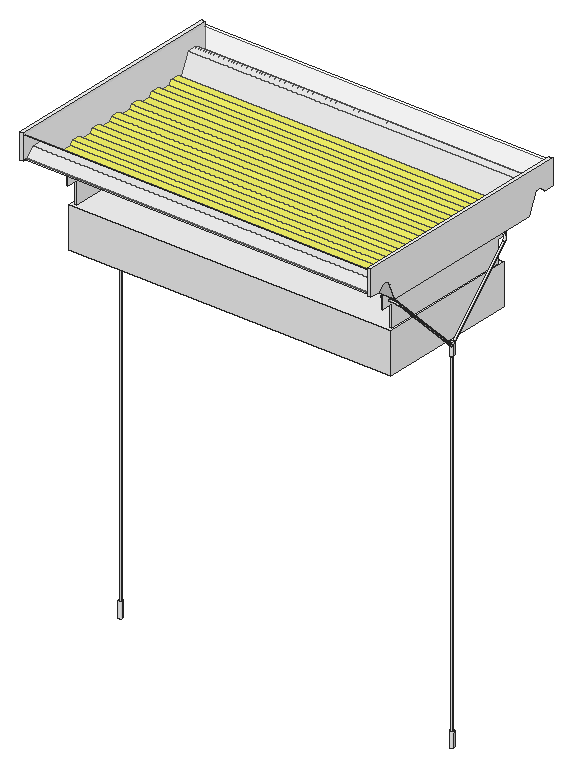
Revit family "SpectraLoc", category Lighting Fixtures, host Face, Revit 2013
Parameters (values of type "SPL-XL-SWSA-EDU")
  Watts = 175.1 W
  Wattage = 175.1 W
  Warranty = "Five year warranty"  # constant formula
  built-in parameter 1150110 = 1 (stored number, unit not read)
  Voltage = 120 V
  built-in parameter 1114217 = 1 (stored number, unit not read)
  Tilt Angle = -90.00°
  built-in parameter 1150109 = 1 (stored number, unit not read)
  built-in parameter 1150134 = (empty or 0)
  Suspension Height [instance] = 24.000"
  Wattage Comments = "112.7-175.1W"
  URL = "http://www.hubbellindustrial.com/"
  built-in parameter 1150113 = 1 (stored number, unit not read)
  Product Page URL = "http://www.hubbellindustrial.com/products/spectraloc/"
  Product Documentation Link = "http://cdn.hubbellindustrial.com/content/products/specs/specs_files/hil_0318_spl_spec_17.pdf"
  Power factor = 1
  Photometric Web File = "SPL-XL-SWSA-EDU.ies"
  Model = "SpectraLoc"  # constant formula
  Manufacturer Phone = "864-678-1000"  # constant formula
  Manufacturer Fax = "866-898-0131"  # constant formula
  Manufacturer = "Hubbell Industrial Lighting"  # constant formula
  built-in parameter 1150105 = 1507.7 (stored number, unit not read)
  Lumens = 18945.8 lm
  built-in parameter 1150115 = 1 (stored number, unit not read)
  Lumen Output = "Xtra High Lumen"
  Load Classification = Lighting
  built-in parameter 1150137 = (empty or 0)
  built-in parameter 1150139 = (empty or 0)
  built-in parameter 1150112 = 1 (stored number, unit not read)
  built-in parameter 1150114 = 1 (stored number, unit not read)
  Lamp = "LED Lamp"  # constant formula
  Fixture Glass = Hubbell - White Glass
  built-in parameter 1150132 = (empty or 0)
  built-in parameter 1150102 = (empty or 0)
  built-in parameter 1150107 = 3000 (stored number, unit not read)
  built-in parameter 1150138 = (empty or 0)
  built-in parameter 1150106 = 15.077 (stored number, unit not read)
  Emit from Rectangle Width = 15.000"  # constant formula
  Emit from Rectangle Length = 23.000"  # constant formula
  Emit Shape Visible in Rendering = no
  built-in parameter 1150104 = 10.052 (stored number, unit not read)
  Distribution = "Short Wave Suppression Aisle Optics"
  Dimming Lamp Color Temperature Shift = <None>
  Description = "SpectraLoc Blue Spectrum Suppression Highbau"  # constant formula
  Default Elevation = 48.000"
  Color Filter = 16777215
  built-in parameter 1114218 = 1 (stored number, unit not read)
  Backbox = Hubbell - White
  built-in parameter 1150133 = 10 (stored number, unit not read)
  Apparent Load = Watts / Power factor  # 175.1 VA
Types (3): name | Watts | Wattage | Suspension Height | Wattage Comments | Photometric Web File | built-in parameter 1150105 | Lumens | Lumen Output | built-in parameter 1150106 | built-in parameter 1150104 | Apparent Load
  (no name) | 175.1 W | 175.1 W | 24.000" | "112.7-175.1W" | "SPL-XL-SWSA-EDU.ies" | 1507.7 (stored number, unit not read) | 18945.8 lm | "Xtra High Lumen" | 15.077 (stored number, unit not read) | 10.052 (stored number, unit not read) | 175.1 VA
  SPL-HL-SWSA-EDU | 112.7 W | 112.7 W | 15.000" | "19-69 W" | "SPL-HL-SWSA-EDU.ies" | 994.59 (stored number, unit not read) | 12498.4 lm | "High Lumen" | 9.9459 (stored number, unit not read) | 10.303 (stored number, unit not read) | 112.7 VA
  SPL-XL-SWSA-EDU | 175.1 W | 175.1 W | 24.000" | "112.7-175.1W" | "SPL-XL-SWSA-EDU.ies" | 1507.7 (stored number, unit not read) | 18945.8 lm | "Xtra High Lumen" | 15.077 (stored number, unit not read) | 10.052 (stored number, unit not read) | 175.1 VA
Reference planes (in)
  plane 1 "Center (Front/Back)": y = 0.03999
  plane 2: z = 0
  plane 3 "Center (Left/Right)": x = 1.66944
  plane 4: x = -9.65453
  plane 5: x = 12.99342
  plane 6: z = 1
  plane 7: z = 24
  plane 8: z = 32
Forms (in)
  Extrusion 1, solid, material "Hubbell - White" <- "Backbox"
    sketch origin (0, 0, 0) x (1, 0, 0) y (0, 1, 0)
      loop
        circle (-9.65453, 0.03999) r 0.125
    from 0 to 1
  Extrusion 2, solid, material "Hubbell - White" <- "Backbox"
    sketch origin (0, 0, 0) x (1, 0, 0) y (0, 1, 0)
      loop
        circle (-9.65453, 0.03999) r 0.0625
    from 1 to 24
  Extrusion 3, solid, material "Hubbell - White" <- "Backbox"
    sketch origin (3.33889, 0, 0) x (-1, 0, 0) y (0, -1, 0)
      loop
        circle (-9.65453, -0.03999) r 0.125
    from 0 to 1
  Extrusion 4, solid, material "Hubbell - White" <- "Backbox"
    sketch origin (3.33889, 0, 0) x (-1, 0, 0) y (0, -1, 0)
      loop
        circle (-9.65453, -0.03999) r 0.0625
    from 1 to 24
Dimensions and locks (in)
  equal spacing: plane 5, plane 3 "Center (Left/Right)", plane 4, locked at 11.32398 each
  locked: plane 6 to plane 2 at 1
  "Suspension Height": plane 7 to plane 2
  locked: plane 8 to plane 7 at 8
  aligned and locked: plane 2 to host face
  aligned and locked: level to host face
  aligned and locked: plane 6 to Extrusion 1
  aligned and locked: Extrusion 2 to plane 6
  aligned and locked: plane 7 to Extrusion 2
  aligned and locked: plane 3 "Center (Left/Right)" to nested 1
  aligned and locked: plane 1 "Center (Front/Back)" to nested 1
  aligned and locked: Extrusion 4 to Extrusion 2
  aligned and locked: plane 3 "Center (Left/Right)" to imposter light
  aligned and locked: plane 8 to imposter light
  aligned and locked: imposter light to plane 1 "Center (Front/Back)"
Automatic sketch dimensions
  host sketch curve to host sketch curve = 96.000"  (x2)
  plane 1 "Center (Front/Back)" to Extrusion 1 sketch curve = 0.000"
  Extrusion 1 sketch curve to plane 4 = 0.000"
  plane 1 "Center (Front/Back)" to Extrusion 2 sketch curve = 0.000"
  Extrusion 2 sketch curve to plane 4 = 0.000"
  plane 1 "Center (Front/Back)" to Extrusion 3 sketch curve = 0.000"
  Extrusion 3 sketch curve to plane 5 = 0.000"
  plane 1 "Center (Front/Back)" to Extrusion 4 sketch curve = 0.000"
  Extrusion 4 sketch curve to plane 5 = 0.000"
  radius of Extrusion 1 sketch curve = 0.125"
  radius of Extrusion 2 sketch curve = 0.0625"
  radius of Extrusion 3 sketch curve = 0.125"
  radius of Extrusion 4 sketch curve = 0.0625"
Nested families (in)
  nested 1: "Spectra Head" at (1.66944, 0.03999, 24), type "Spectra"
Connectors (in)
  electrical at (1.66944, 0.03999, 24.74117), driven by "Load Classification", driven by "Voltage", driven by "Apparent Load", driven by "Power factor"
    settings: on nested 1, index 1, voltage 120 V, apparent load 175.1 VA, apparent load phase1 0 VA, apparent load phase2 0 VA, apparent load phase3 0 VA, power factor 1, load classification "Lighting", number of poles 1, system type 30, power factor state 1, is connector primary yes, connector utility no, sub classification motor no, connector description "Lighting Connector"
Definition of nested family "Spectra Head"
  Parameters (values of type "Spectra")
    Glass = Hubbell - White Glass
    Finish = Hubbell - White
    Default Elevation = 48.000"
    LED = Hubbell-Yellow Glass
  Reference planes (in)
    plane 1 "Center (Front/Back)": y = 0
    plane 2: z = 0
    plane 3 "Center (Left/Right)": x = 0
    plane 4: x = 12
    plane 5: x = -12
    plane 6: y = -7.75
    plane 7: y = 7.75
    plane 8: z = 8.90783
    plane 9: x = -11.75
    plane 10: x = 11.75
    plane 11: y = -3
    plane 12: y = 3
    plane 13: z = 6.18561
    plane 14: y = -7.5
    plane 15: y = 7.5
    plane 16: z = 3.46339
    plane 17: z = 0.74117
  Forms (in)
    Extrusion 1, solid
      sketch origin (0, 0, 0) x (1, 0, 0) y (0, 1, 0)
        loop
          line (-48, 48) -> (-48, -48) -> (48, -48) -> (48, 48) -> (-48, 48)
      from 0 to -12
    Extrusion 2, solid, material "Hubbell - White" <- "Finish"
      sketch origin (0, 0, 0) x (0, 1, 0) y (0, 0, 1)
        loop
          line (7.75, 8.90783) -> (-7.75, 8.90783) -> (-7.75, 7.18561) -> (-7.125, 7.18561) -> (-6.77145, 7.53916) -> (-6.32102, 7.53916) -> (-5.68985, 6.18561) -> (5.68985, 6.18561) -> (6.32102, 7.53916) -> (6.77145, 7.53916) -> (7.125, 7.18561) -> (7.75, 7.18561) -> (7.75, 8.90783)
      from -12 to -11.75
    Extrusion 3, solid, material "Hubbell - White" <- "Finish"
      sketch origin (0, 0, 0) x (0, 1, 0) y (0, 0, 1)
        loop
          line (5.25, 6.18561) -> (-5.25, 6.18561) -> (-5.25, 4.93561) -> (-4.5, 4.93561) -> (-4.5, 3.46339) -> (4.5, 3.46339) -> (4.5, 4.93561) -> (5.25, 4.93561) -> (5.25, 6.18561)
      from -10.82465 to -10.69965
    Extrusion 4, solid, material "Hubbell - White" <- "Finish"
      sketch origin (0, 0, 0) x (0, 1, 0) y (0, 0, 1)
        loop
          line (4.81971, 3.46339) -> (-4.81971, 3.46339) -> (-4.81971, 0.74117) -> (4.81971, 0.74117) -> (4.81971, 3.46339)
      from -11 to 11
    Extrusion 5, solid, material "Hubbell - White" <- "Finish"
      sketch origin (0, 0, 0) x (0, 1, 0) y (0, 0, 1)
        loop
          line (6.91697, 7.66416) -> (7.30714, 7.274) -> (7.48392, 7.274) -> (6.96875, 7.78916) -> (6.29968, 7.78916) -> (5.61022, 6.31061) -> (-5.61022, 6.31061) -> (-6.29968, 7.78916) -> (-6.96875, 7.78916) -> (-7.48392, 7.274) -> (-7.30714, 7.274) -> (-6.91697, 7.66416) -> (-6.37931, 7.66416) -> (-5.68985, 6.18561) -> (5.68985, 6.18561) -> (6.37931, 7.66416) -> (6.91697, 7.66416)
      from -12 to 12
    Extrusion 6, solid, material "Hubbell - White" <- "Finish"
      sketch origin (0, 0, 0) x (0, 1, 0) y (0, 0, -1)
        loop
          line (5.25, -6.18561) -> (5.25, -4.93561) -> (4.5, -4.93561) -> (4.5, -3.46339) -> (-4.5, -3.46339) -> (-4.5, -4.93561) -> (-5.25, -4.93561) -> (-5.25, -6.18561) -> (5.25, -6.18561)
      from -10.82465 to -10.69965
    Extrusion 7, solid, material "Hubbell - White Glass" <- "Glass"
      sketch origin (0, 0, 0) x (0, 1, 0) y (0, 0, 1)
        loop
          line (7.1706, 7.37945) -> (7.1106, 7.37945) -> (7.1106, 7.214) -> (7.6982, 7.214) -> (7.6982, 8.774) -> (-7.6982, 8.774) -> (-7.6982, 7.214) -> (-7.1106, 7.214) -> (-7.1106, 7.37945) -> (-7.1706, 7.37945) -> (-7.1706, 7.274) -> (-7.6382, 7.274) -> (-7.6382, 8.714) -> (7.6382, 8.714) -> (7.6382, 7.274) -> (7.1706, 7.274) -> (7.1706, 7.37945)
      from -11.75 to 11.75
    Extrusion 8, solid, material "Hubbell - White" <- "Finish"
      sketch origin (0, 0, 0) x (0, 1, 0) y (0, 0, -1)
        loop
          line (7.75, -8.90783) -> (7.75, -7.18561) -> (7.125, -7.18561) -> (6.77145, -7.53916) -> (6.32102, -7.53916) -> (5.68985, -6.18561) -> (-5.68985, -6.18561) -> (-6.32102, -7.53916) -> (-6.77145, -7.53916) -> (-7.125, -7.18561) -> (-7.75, -7.18561) -> (-7.75, -8.90783) -> (7.75, -8.90783)
      from -12 to -11.75
    Extrusion 9, solid, material "Hubbell-Yellow Glass" <- "LED"
      sketch origin (0, 0, 0) x (0, 1, 0) y (0, 0, 1)
        loop
          line (5.61022, 6.31061) -> (5.34062, 6.69563) -> (4.7821, 6.69563) -> (4.60003, 6.43561) -> (3.83557, 6.43561) -> (3.6535, 6.69563) -> (3.09498, 6.69563) -> (2.91291, 6.43561) -> (2.14845, 6.43561) -> (1.96638, 6.69563) -> (1.40786, 6.69563) -> (1.22579, 6.43561) -> (0.46133, 6.43561) -> (0.27926, 6.69563) -> (-0.27926, 6.69563) -> (-0.46133, 6.43561) -> (-1.22579, 6.43561) -> (-1.40786, 6.69563) -> (-1.96638, 6.69563) -> (-2.14845, 6.43561) -> (-2.91291, 6.43561) -> (-3.09498, 6.69563) -> (-3.6535, 6.69563) -> (-3.83557, 6.43561) -> (-4.60003, 6.43561) -> (-4.7821, 6.69563) -> (-5.34062, 6.69563) -> (-5.61022, 6.31061) -> (5.61022, 6.31061)
      from -11.75 to 11.75
    Extrusion 10, solid, material "Hubbell - White" <- "Finish"
      sketch origin (-1.49614, -0.04223, 0) x (1, 0, 0) y (0, 1, 0)
        loop
          circle (-9.83056, 0.03999) r 0.125
      from 0 to 0.83333
    Sweep 11, solid, material "Hubbell - White" <- "Finish"
      path origin (-1.49614, -26.51037, -25.92622) x (1, 0, 0) y (0, 0.707107, 0.707107)
        loop
          line (-9.83056, 37.48815) -> (-9.83056, 43.73815)
          arc (-9.83056, 43.73815) -> (-9.68411, 44.09171) -> (-9.33056, 44.23815) r 0.5
          line (-9.33056, 44.23815) -> (-8.83056, 44.23815)
      profile origin (-11.32669, 2.20747, 2.79161) x (-1, 0, 0) y (0, -0.707107, 0.707107)
        loop
          circle (0, 0) r 0.0625
    Sweep 12, solid, material "Hubbell - White" <- "Finish"
      path origin (-1.49614, 26.50589, -25.92622) x (1, 0, 0) y (0, 0.707107, -0.707107)
        loop
          line (-9.83056, -37.48815) -> (-9.83056, -43.73815)
          arc (-9.83056, -43.73815) -> (-9.68411, -44.09171) -> (-9.33056, -44.23815) r 0.5
          line (-9.33056, -44.23815) -> (-8.83056, -44.23815)
      profile origin (-11.32669, -2.21195, 2.79161) x (1, 0, 0) y (0, 0.707107, 0.707107)
        loop
          circle (0, 0) r 0.0625
    Extrusion 13, solid, material "Hubbell - White" <- "Finish"
      sketch origin (1.49614, -0.04223, 0) x (-1, 0, 0) y (0, -1, 0)
        loop
          circle (-9.83056, -0.03999) r 0.125
      from 0 to 0.83333
    Sweep 14, solid, material "Hubbell - White" <- "Finish"
      path origin (1.49614, -26.51037, -25.92622) x (-1, 0, 0) y (0, -0.707107, -0.707107)
        loop
          line (-9.83056, -37.48815) -> (-9.83056, -43.73815)
          arc (-9.83056, -43.73815) -> (-9.68411, -44.09171) -> (-9.33056, -44.23815) r 0.5
          line (-9.33056, -44.23815) -> (-8.83056, -44.23815)
      profile origin (11.32669, 2.20747, 2.79161) x (-1, 0, 0) y (0, -0.707107, 0.707107)
        loop
          circle (0, 0) r 0.0625
    Sweep 15, solid, material "Hubbell - White" <- "Finish"
      path origin (1.49614, 26.50589, -25.92622) x (-1, 0, 0) y (0, -0.707107, 0.707107)
        loop
          line (-9.83056, 37.48815) -> (-9.83056, 43.73815)
          arc (-9.83056, 43.73815) -> (-9.68411, 44.09171) -> (-9.33056, 44.23815) r 0.5
          line (-9.33056, 44.23815) -> (-8.83056, 44.23815)
      profile origin (11.32669, -2.21195, 2.79161) x (1, 0, 0) y (0, 0.707107, 0.707107)
        loop
          circle (0, 0) r 0.0625
  Cuts and joins
    joined: Extrusion 2, Extrusion 5, Extrusion 8
  Dimensions and locks (in)
    equal spacing: plane 5, plane 3 "Center (Left/Right)", plane 4
    locked: plane 5 to plane 9 at 0.25
    locked: plane 10 to plane 4 at 0.25
    equal spacing: plane 7, plane 1 "Center (Front/Back)", plane 6
    plane 14 to plane 6 = 0.250"
    plane 15 to plane 7 = 0.250"
    locked: plane 5 to plane 4 at 24
    plane 7 to plane 6 = 15.500"
    locked: plane 8 to plane 17 at 8.16667
    equal spacing: plane 8, plane 13, plane 16, plane 17
    radius of Extrusion 10 sketch curve = 0.125"
    radius of Extrusion 13 sketch curve = 0.125"
    aligned and locked: plane 2 to Extrusion 1
    aligned and locked: level to Extrusion 1
    aligned and locked: Extrusion 2 sketch curve to plane 8
    aligned and locked: plane 7 to Extrusion 2 sketch curve
    aligned and locked: plane 13 to Extrusion 2 sketch curve
    aligned and locked: Extrusion 2 sketch curve to plane 6
    aligned and locked: Extrusion 2 to plane 5
    aligned and locked: plane 9 to Extrusion 2
    aligned and locked: plane 17 to Extrusion 4
  Automatic sketch dimensions
    Extrusion 1 sketch curve to Extrusion 1 sketch curve = 96.000"  (x2)
    plane 14 to Extrusion 2 sketch curve = 0.375"
    Extrusion 2 sketch curve to plane 13 = 1.000"  (x2)
    Extrusion 2 sketch curve to Extrusion 2 sketch curve = 0.35355"  (x3)
    Extrusion 2 sketch curve to Extrusion 2 sketch curve = 0.45042"  (x2)
    Extrusion 2 sketch curve to Extrusion 2 sketch curve = 0.63117"
    plane 15 to Extrusion 2 sketch curve = 1.81015"
    plane 15 to Extrusion 2 sketch curve = 1.17898"
    plane 15 to Extrusion 2 sketch curve = 0.375"
    plane 13 to Extrusion 3 sketch curve = 0.000"
    plane 16 to Extrusion 3 sketch curve = 0.000"
    Extrusion 3 sketch curve to plane 11 = 2.250"
    plane 13 to Extrusion 3 sketch curve = 1.250"
    Extrusion 3 sketch curve to plane 11 = 1.500"
    Extrusion 3 sketch curve to plane 12 = 1.500"
    Extrusion 3 sketch curve to Extrusion 3 sketch curve = 0.750"
    Extrusion 3 sketch curve to Extrusion 3 sketch curve = 1.250"
    plane 16 to Extrusion 4 sketch curve = 0.000"
    plane 17 to Extrusion 4 sketch curve = 0.000"
    Extrusion 4 sketch curve to plane 11 = 1.81971"
    Extrusion 4 sketch curve to plane 12 = 1.81971"
    plane 13 to Extrusion 5 sketch curve = 0.000"
    plane 14 to Extrusion 5 sketch curve = 0.01608"
    Extrusion 5 sketch curve to plane 13 = 0.125"
    Extrusion 5 sketch curve to Extrusion 5 sketch curve = 0.17678"
    plane 14 to Extrusion 5 sketch curve = 0.53125"
    Extrusion 5 sketch curve to Extrusion 5 sketch curve = 0.05178"  (x2)
    Extrusion 5 sketch curve to Extrusion 5 sketch curve = 0.53766"  (x2)
    Extrusion 5 sketch curve to Extrusion 5 sketch curve = 0.07963"  (x4)
    Extrusion 5 sketch curve to Extrusion 5 sketch curve = 0.68946"
    plane 15 to Extrusion 5 sketch curve = 1.88978"
    plane 15 to Extrusion 5 sketch curve = 1.20032"
    plane 15 to Extrusion 5 sketch curve = 0.19286"
    plane 15 to Extrusion 5 sketch curve = 0.01608"
    Extrusion 5 sketch curve to plane 13 = 1.08839"  (x2)
    Extrusion 5 sketch curve to Extrusion 5 sketch curve = 0.39017"  (x2)
    Extrusion 5 sketch curve to Extrusion 5 sketch curve = 0.125"  (x2)
    plane 13 to Extrusion 6 sketch curve = 0.000"
    plane 16 to Extrusion 6 sketch curve = 0.000"
    Extrusion 6 sketch curve to plane 11 = 2.250"
    plane 13 to Extrusion 6 sketch curve = 1.250"
    Extrusion 6 sketch curve to plane 11 = 1.500"
    Extrusion 6 sketch curve to plane 12 = 1.500"
    Extrusion 6 sketch curve to Extrusion 6 sketch curve = 0.750"
    Extrusion 6 sketch curve to Extrusion 6 sketch curve = 1.250"
    plane 6 to Extrusion 7 sketch curve = 0.0518"
    Extrusion 7 sketch curve to plane 13 = 1.02839"  (x2)
    Extrusion 7 sketch curve to Extrusion 7 sketch curve = 0.060"  (x6)
    plane 14 to Extrusion 7 sketch curve = 0.3294"
    plane 15 to Extrusion 7 sketch curve = 0.3894"
    Extrusion 7 sketch curve to plane 7 = 0.1118"
    Extrusion 7 sketch curve to plane 7 = 0.0518"
    Extrusion 7 sketch curve to Extrusion 7 sketch curve = 0.10545"  (x2)
    plane 8 to Extrusion 7 sketch curve = 0.19383"
    Extrusion 8 sketch curve to plane 6 = 0.000"
    plane 13 to Extrusion 8 sketch curve = 0.000"
    Extrusion 8 sketch curve to plane 7 = 0.000"
    plane 8 to Extrusion 8 sketch curve = 0.000"
    plane 14 to Extrusion 8 sketch curve = 0.375"
    Extrusion 8 sketch curve to Extrusion 8 sketch curve = 0.35355"  (x2)
    Extrusion 8 sketch curve to Extrusion 8 sketch curve = 0.45042"  (x2)
    Extrusion 8 sketch curve to Extrusion 8 sketch curve = 0.63117"
    plane 15 to Extrusion 8 sketch curve = 1.81015"
    plane 15 to Extrusion 8 sketch curve = 1.17898"
    plane 15 to Extrusion 8 sketch curve = 0.375"
    Extrusion 8 sketch curve to plane 13 = 1.35355"  (x2)
    Extrusion 8 sketch curve to plane 13 = 1.000"
    Extrusion 9 sketch curve to plane 13 = 0.125"
    plane 14 to Extrusion 9 sketch curve = 1.88978"
    Extrusion 9 sketch curve to plane 13 = 0.250"  (x6)
    Extrusion 9 sketch curve to Extrusion 9 sketch curve = 0.26959"  (x2)
    Extrusion 9 sketch curve to plane 13 = 0.51002"  (x4)
    Extrusion 9 sketch curve to Extrusion 9 sketch curve = 0.55852"  (x5)
    Extrusion 9 sketch curve to Extrusion 9 sketch curve = 0.18207"  (x9)
    Extrusion 9 sketch curve to Extrusion 9 sketch curve = 0.76446"  (x4)
    Extrusion 9 sketch curve to plane 11 = 0.09498"
    plane 11 to Extrusion 9 sketch curve = 0.08709"
    plane 1 "Center (Front/Back)" to Extrusion 9 sketch curve = 0.46133"
    plane 1 "Center (Front/Back)" to Extrusion 9 sketch curve = 0.27926"
    Extrusion 9 sketch curve to plane 1 "Center (Front/Back)" = 0.27926"
    plane 12 to Extrusion 9 sketch curve = 0.08709"
    Extrusion 9 sketch curve to plane 12 = 0.09498"
    Extrusion 9 sketch curve to Extrusion 9 sketch curve = 0.26002"  (x3)
    plane 1 "Center (Front/Back)" to Extrusion 10 sketch curve = 0.00224"
    plane 9 to Extrusion 10 sketch curve = 0.42331"
    plane 9 to Sweep 11 sketch curve = 0.42331"
    plane 9 to Sweep 11 sketch curve = 0.92331"
    Sweep 11 sketch curve to Sweep 11 sketch curve = 0.500"
    Sweep 11 sketch curve to Sweep 11 sketch curve = 6.250"
    Sweep 11 sketch curve to profile plane = 0.000"
    profile plane to Sweep 11 sketch curve = 0.000"
    plane 9 to Sweep 12 sketch curve = 0.42331"
    plane 9 to Sweep 12 sketch curve = 0.92331"
    Sweep 12 sketch curve to Sweep 12 sketch curve = 0.500"
    Sweep 12 sketch curve to Sweep 12 sketch curve = 6.250"
    Sweep 12 sketch curve to profile plane = 0.000"  (x2)
    plane 1 "Center (Front/Back)" to Extrusion 13 sketch curve = 0.00224"
    plane 10 to Extrusion 13 sketch curve = 0.42331"
    plane 10 to Sweep 14 sketch curve = 0.42331"
    plane 10 to Sweep 14 sketch curve = 0.92331"
    Sweep 14 sketch curve to Sweep 14 sketch curve = 0.500"
    Sweep 14 sketch curve to Sweep 14 sketch curve = 6.250"
    Sweep 14 sketch curve to profile plane = 0.000"
    profile plane to Sweep 14 sketch curve = 0.000"
    plane 10 to Sweep 15 sketch curve = 0.42331"
    plane 10 to Sweep 15 sketch curve = 0.92331"
    Sweep 15 sketch curve to Sweep 15 sketch curve = 0.500"
    Sweep 15 sketch curve to Sweep 15 sketch curve = 6.250"
    Sweep 15 sketch curve to profile plane = 0.000"  (x2)
    radius of Sweep 11 sketch curve = 0.0625"
    radius of Sweep 12 sketch curve = 0.0625"
    radius of Sweep 14 sketch curve = 0.0625"
    radius of Sweep 15 sketch curve = 0.0625"
